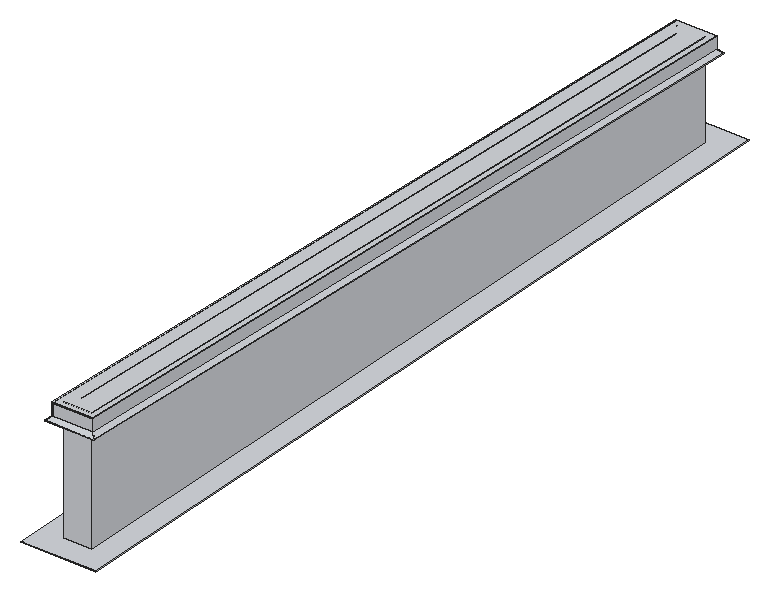
Revit family "UMES-3", category Mechanical Equipment, Revit 2015
Parameters
  Width = 0' - 3 1/2"
  URL = "https://unitedenertech.com/catalog/pdf/M_9%20UMES.pdf"
  Type Comments = "Consult Factory for Max. Sizes"
  Roof Slope = 2.00°
  Model = "UMES-3"
  Manufacturer = "United Enertech Corporation"
  Length = 8' - 0"
  Height (12" Standard) = 1' - 0"
  Description = "Metal Building Equipment Support"
  Cap Width [instance] = Width + 0' 1 1/2"  # 0' - 5"
  Cap Length [instance] = Length + 0' 1 1/2"  # 8' - 1 1/2"
Reference planes (in)
  plane 1 "Center (Front/Back)": y = 0
  plane 2: z = 0
  plane 3 "Center (Left/Right)": x = 0
  plane 4: x = -1.75
  plane 5: x = 1.75
  plane 6: x = -4.75
  plane 7: x = 4.75
  plane 8: y = -48
  plane 9: y = -96
  plane 10: y = 3
  plane 11: y = -99
  plane 12: z = 0.0478
  plane 13: z = 12
  plane 14: z = 11.9522
  plane 15: z = 10.4522
  plane 16: x = -2.5
  plane 17: x = 2.5
  plane 18: y = 0.75
  plane 19: y = -96.75
Forms (in)
  Extrusion 1, solid
    sketch origin (0, 0, 0) x (0, 1, 0) y (0, 0, 1)
      loop
        line (3, 0.10476) -> (3, 0.15256) -> (-99, -3.40936) -> (-99, -3.45716) -> (3, 0.10476)
    from -4.75 to 4.75
  Extrusion 2, solid, material "Wood (Oak)"
    sketch origin (0, 0, 0) x (1, 0, 0) y (0, 0, 1)
      loop
        line (-1.75, 10.4522) -> (1.75, 10.4522) -> (1.75, 11.9522) -> (-1.75, 11.9522) -> (-1.75, 10.4522)
    from 0 to 96
  Extrusion 3, solid
    sketch origin (0, 0, 0) x (0, 1, 0) y (0, 0, 1)
      loop
        line (0, 10.4522) -> (-96, 10.4522) -> (-96, -3.30459) -> (0, 0.0478) -> (0, 10.4522)
    from -1.75 to 1.75
Lines and regions (in)
  reference lines
    curve 1: line (0, 0, 0) -> (0, -155.90497, -5.44432)
    curve 2: line (0, 0, 0.0478) -> (0, -45.22243, -1.5314)
Dimensions and locks (in)
  equal spacing: plane 4, plane 3 "Center (Left/Right)", plane 5
  "Width": plane 4 to plane 5
  equal spacing: plane 9, plane 8, plane 1 "Center (Front/Back)"
  "Length": plane 1 "Center (Front/Back)" to plane 9
  locked: plane 12 to level at 0.0478
  locked: plane 13 to plane 14 at 0.0478
  locked: plane 14 to plane 15 at 1.5
  "Height (12" Standard)": plane 13 to level
  locked: plane 4 to plane 16 at 0.75
  locked: plane 5 to plane 17 at 0.75
  locked: plane 18 to plane 1 "Center (Front/Back)" at 0.75
  locked: plane 9 to plane 19 at 0.75
  locked: plane 6 to plane 4 at 3
  locked: plane 5 to plane 7 at 3
  locked: plane 11 to plane 9 at 3
  locked: plane 1 "Center (Front/Back)" to plane 10 at 3
  "Roof Slope": angle curve 1 to level
  "Roof Slope": angle curve 2 to plane 12
  aligned and locked: level to plane 2
  aligned and locked: plane 1 "Center (Front/Back)" to curve 1
  aligned and locked: level to curve 1
  aligned and locked: plane 1 "Center (Front/Back)" to curve 2
  aligned and locked: plane 12 to curve 2
  aligned and locked: Extrusion 1 sketch curve to plane 10
  aligned and locked: Extrusion 1 sketch curve to plane 11
  aligned and locked: Extrusion 1 sketch curve to curve 2
  aligned and locked: Extrusion 1 sketch curve to curve 1
  aligned and locked: Extrusion 1 to plane 6
  aligned and locked: Extrusion 1 to plane 7
  aligned and locked: nested 1 to plane 8
  aligned and locked: nested 1 to plane 3 "Center (Left/Right)"
  aligned and locked: plane 13 to nested 1
  aligned and locked: plane 14 to Extrusion 2 sketch curve
  aligned and locked: Extrusion 2 sketch curve to plane 4
  aligned and locked: plane 5 to Extrusion 2 sketch curve
  aligned and locked: Extrusion 2 sketch curve to plane 15
  aligned and locked: Extrusion 2 to plane 1 "Center (Front/Back)"
  aligned and locked: Extrusion 2 to plane 9
  aligned and locked: Extrusion 3 sketch curve to plane 15
  aligned and locked: plane 9 to Extrusion 3 sketch curve
  aligned and locked: plane 1 "Center (Front/Back)" to Extrusion 3 sketch curve
  aligned and locked: Extrusion 3 to plane 4
  aligned and locked: Extrusion 1 to Extrusion 3 sketch curve
  aligned and locked: plane 5 to Extrusion 3
Nested families (in)
  nested 1: "Rail Cap" at (0, -48, 10), type "Rail Cap"
    with B Side Base I.D. 8' - 1 1/2", A Side Base I.D. 0' - 5"
Definition of nested family "Rail Cap"
  Parameters (values of type "Rail Cap")
    URL = ""
    Type Comments = ""
    Model = ""
    Manufacturer = ""
    Description = ""
    B Side Base I.D. = 3' - 0"
    A Side Base I.D. = 3' - 0"
  Reference planes (in)
    plane 1 "Center (Front/Back)": y = 0
    plane 2: z = 0
    plane 3 "Center (Left/Right)": x = 0
    plane 4: x = -18
    plane 5: x = 18
    plane 6: y = -18
    plane 7: y = 18
    plane 8: x = -18.0478
    plane 9: y = -18.0478
    plane 10: x = 18.0478
    plane 11: y = 18.0478
    plane 12: z = 2
    plane 13: z = 0.5
    plane 14: z = 1.9522
    plane 15: x = -18.5478
    plane 16: y = -18.5478
    plane 17: x = 18.5478
    plane 18: y = 18.5478
    plane 19: z = 1.5772
    plane 20: y = 19.0478
    plane 21: y = -19.0478
    plane 22: x = -19.0478
    plane 23: x = 19.0478
  Forms (in)
    Extrusion 1, solid
      sketch origin (0, 0, 0) x (1, 0, 0) y (0, 0, 1)
        loop
          line (-18.54622, 0.00144) -> (-18, 0.5) -> (-18, 1.9522) -> (-18.0478, 1.9522) -> (-18.0478, 0.51984) -> (-18.5794, 0.03462) -> (-18.54622, 0.00144)
      from -18.5478 to 18.5478
    Extrusion 2, solid
      sketch origin (0, 0, 0) x (-1, 0, 0) y (0, 0, -1)
        loop
          line (-18.54622, -0.00144) -> (-18.5794, -0.03462) -> (-18.0478, -0.51984) -> (-18.0478, -1.9522) -> (-18, -1.9522) -> (-18, -0.5) -> (-18.54622, -0.00144)
      from -18.5478 to 18.5478
    Extrusion 3, solid
      sketch origin (0, 0, 0) x (0, 1, 0) y (0, 0, 1)
        loop
          line (-18, 1.9522) -> (-18.0478, 1.9522) -> (-18.0478, 0.51988) -> (-18.58098, 0.03462) -> (-18.5478, 0.00144) -> (-18, 0.5) -> (-18, 1.9522)
      from -18.5478 to 18.5478
    Extrusion 4, solid
      sketch origin (0, 0, 0) x (0, -1, 0) y (0, 0, -1)
        loop
          line (-18, -1.9522) -> (-18, -0.5) -> (-18.5478, -0.00144) -> (-18.58098, -0.03462) -> (-18.0478, -0.51988) -> (-18.0478, -1.9522) -> (-18, -1.9522)
      from -18.5478 to 18.5478
    Extrusion 5, void
      sketch origin (-93.15685, -31.93875, 0) x (1, 0, 0) y (0, 1, 0)
        loop
          line (106.5478, 18.5478) -> (112.20465, 12.89095) -> (112.20465, 18.5478) -> (106.5478, 18.5478)
      from -1.29054 to 3.19849
    Extrusion 6, void
      sketch origin (-125.5956, 0.5, 0) x (1, 0, 0) y (0, 1, 0)
        loop
          line (106.5478, 18.5478) -> (112.20465, 12.89095) -> (112.20465, 18.5478) -> (106.5478, 18.5478)
      from -3.18066 to 4.14355
    Extrusion 7, void
      sketch origin (-109.38054, -28.0092, 0) x (1, 0, 0) y (0, 1, 0)
        loop
          line (117.42834, 19.9614) -> (117.42834, 8.9614) -> (128.42834, 8.9614) -> (117.42834, 19.9614)
      from -1.13303 to 3.27725
    Extrusion 8, void
      sketch origin (-136.47614, -0.9136, 0) x (1, 0, 0) y (0, 1, 0)
        loop
          line (117.42834, 19.9614) -> (117.42834, 8.9614) -> (128.42834, 8.9614) -> (117.42834, 19.9614)
      from -1.68432 to 3.74977
    Extrusion 9, void
      sketch origin (-121.30312, -30.02453, 0) x (1, 0, 0) y (0, 1, 0)
        loop
          line (109.32639, 18.0478) -> (102.25532, 18.0478) -> (102.25532, 10.97673) -> (109.32639, 18.0478)
      from -1.13303 to 3.59226
    Extrusion 10, void
      sketch origin (-90.27859, 1, 0) x (1, 0, 0) y (0, 1, 0)
        loop
          line (109.32639, 18.0478) -> (102.25532, 18.0478) -> (102.25532, 10.97673) -> (109.32639, 18.0478)
      from -1.44805 to 3.51351
    Extrusion 11, void
      sketch origin (-116.53283, -32.26123, 0) x (1, 0, 0) y (0, 1, 0)
        loop
          line (105.97031, 21.69871) -> (97.48503, 13.21343) -> (105.97031, 13.21343) -> (105.97031, 21.69871)
      from -1.3693 to 3.82853
    Extrusion 12, void
      sketch origin (-86.92251, -2.65091, 0) x (1, 0, 0) y (0, 1, 0)
        loop
          line (105.97031, 21.69871) -> (97.48503, 13.21343) -> (105.97031, 13.21343) -> (105.97031, 21.69871)
      from -0.97552 to 3.04098
    Extrusion 13, solid
      sketch origin (0, 0, 0) x (1, 0, 0) y (0, 1, 0)
        loop
          line (-18.0478, -18.0478) -> (18.0478, -18.0478) -> (18.0478, 18.0478) -> (-18.0478, 18.0478) -> (-18.0478, -18.0478)
      from 1.9522 to 2
  Cuts and joins
    Extrusion 6, Extrusion 11 cuts Extrusion 1
    Extrusion 5, Extrusion 9 cuts Extrusion 3
    Extrusion 8, Extrusion 12 cuts Extrusion 4
    Extrusion 7, Extrusion 10 cuts Extrusion 2
  Dimensions and locks (in)
    equal spacing: plane 4, plane 3 "Center (Left/Right)", plane 5
    "A Side Base I.D.": plane 4 to plane 5
    equal spacing: plane 7, plane 1 "Center (Front/Back)", plane 6
    "B Side Base I.D.": plane 7 to plane 6
    locked: plane 6 to plane 9 at 0.0478
    locked: plane 11 to plane 7 at 0.0478
    locked: plane 8 to plane 4 at 0.0478
    locked: plane 5 to plane 10 at 0.0478
    locked: plane 12 to level at 2
    locked: plane 13 to level at 0.5
    locked: plane 12 to plane 14 at 0.0478
    locked: plane 9 to plane 16 at 0.5
    locked: plane 15 to plane 8 at 0.5
    locked: plane 11 to plane 18 at 0.5
    locked: plane 10 to plane 17 at 0.5
    locked: plane 14 to plane 19 at 0.375
    locked: plane 18 to plane 20 at 0.5
    locked: plane 21 to plane 16 at 0.5
    locked: plane 22 to plane 15 at 0.5
    locked: plane 17 to plane 23 at 0.5
    locked: Extrusion 5 sketch curve to Extrusion 5 sketch curve (angle 45.00°)  (x2)
    locked: Extrusion 6 sketch curve to Extrusion 6 sketch curve (angle 45.00°)  (x2)
    locked: Extrusion 7 sketch curve to Extrusion 7 sketch curve (angle 45.00°)  (x2)
    locked: Extrusion 8 sketch curve to Extrusion 8 sketch curve (angle 45.00°)  (x2)
    locked: Extrusion 9 sketch curve to Extrusion 9 sketch curve (angle 45.00°)  (x2)
    locked: Extrusion 10 sketch curve to Extrusion 10 sketch curve (angle 45.00°)  (x2)
    locked: Extrusion 11 sketch curve to Extrusion 11 sketch curve (angle 45.00°)  (x2)
    locked: Extrusion 12 sketch curve to Extrusion 12 sketch curve (angle 45.00°)  (x2)
    aligned and locked: level to plane 2
    aligned and locked: plane 4 to Extrusion 1 sketch curve
    aligned and locked: Extrusion 1 sketch curve to plane 8
    aligned and locked: plane 14 to Extrusion 1 sketch curve
    aligned and locked: plane 13 to Extrusion 1 sketch curve
    aligned and locked: Extrusion 2 sketch curve to plane 14
    aligned and locked: plane 5 to Extrusion 2 sketch curve
    aligned and locked: plane 10 to Extrusion 2 sketch curve
    aligned and locked: plane 13 to Extrusion 2 sketch curve
    aligned and locked: Extrusion 1 to plane 18
    aligned and locked: Extrusion 1 to plane 16
    aligned and locked: Extrusion 2 to plane 16
    aligned and locked: Extrusion 2 to plane 18
    aligned and locked: plane 16 to Extrusion 3 sketch curve
    aligned and locked: plane 6 to Extrusion 3 sketch curve  (x2)
    aligned and locked: plane 13 to Extrusion 3 sketch curve
    aligned and locked: plane 9 to Extrusion 3 sketch curve
    aligned and locked: Extrusion 3 sketch curve to plane 14
    aligned and locked: Extrusion 4 sketch curve to plane 11
    aligned and locked: plane 7 to Extrusion 4 sketch curve
    aligned and locked: plane 14 to Extrusion 4 sketch curve
    aligned and locked: plane 13 to Extrusion 4 sketch curve
    aligned and locked: plane 18 to Extrusion 4 sketch curve
    aligned and locked: Extrusion 3 to plane 15
    aligned and locked: Extrusion 3 to plane 17
    aligned and locked: Extrusion 4 to plane 17
    aligned and locked: Extrusion 4 to plane 15
    aligned and locked: plane 22 to Extrusion 6 sketch curve
    aligned and locked: plane 20 to Extrusion 6 sketch curve
    aligned and locked: plane 21 to Extrusion 5 sketch curve
    aligned and locked: plane 23 to Extrusion 5 sketch curve
    aligned and locked: plane 20 to Extrusion 8 sketch curve
    aligned and locked: plane 22 to Extrusion 8 sketch curve
    aligned and locked: plane 21 to Extrusion 7 sketch curve
    aligned and locked: plane 23 to Extrusion 7 sketch curve
    aligned and locked: plane 23 to Extrusion 10 sketch curve
    aligned and locked: plane 20 to Extrusion 10 sketch curve
    aligned and locked: plane 21 to Extrusion 9 sketch curve
    aligned and locked: Extrusion 9 sketch curve to plane 22
    aligned and locked: plane 20 to Extrusion 12 sketch curve
    aligned and locked: plane 23 to Extrusion 12 sketch curve
    aligned and locked: Extrusion 11 sketch curve to plane 22
    aligned and locked: plane 21 to Extrusion 11 sketch curve
    aligned and locked: Extrusion 13 sketch curve to plane 8
    aligned and locked: Extrusion 13 sketch curve to plane 11
    aligned and locked: Extrusion 13 sketch curve to plane 9
    aligned and locked: Extrusion 13 sketch curve to plane 10
    aligned and locked: Extrusion 13 to plane 14
    aligned and locked: plane 12 to Extrusion 13
  Automatic sketch dimensions
    plane 15 to Extrusion 1 sketch curve = 0' - 0.00158"
    Extrusion 1 sketch curve to plane 15 = 0' - 0.0316"
    level to Extrusion 1 sketch curve = 0' - 0.03462"
    level to Extrusion 1 sketch curve = 0' - 0.00144"
    plane 13 to Extrusion 1 sketch curve = 0' - 0.01984"
    Extrusion 2 sketch curve to plane 17 = 0' - 0.00158"
    plane 17 to Extrusion 2 sketch curve = 0' - 0.0316"
    Extrusion 2 sketch curve to level = 0' - 0.03462"
    Extrusion 2 sketch curve to level = 0' - 0.00144"
    Extrusion 2 sketch curve to plane 13 = 0' - 0.01984"
    Extrusion 3 sketch curve to plane 16 = 0' - 0.03318"
    level to Extrusion 3 sketch curve = 0' - 0.03462"
    level to Extrusion 3 sketch curve = 0' - 0.00144"
    plane 13 to Extrusion 3 sketch curve = 0' - 0.01988"
    plane 18 to Extrusion 4 sketch curve = 0' - 0.03318"
    Extrusion 4 sketch curve to level = 0' - 0.03462"
    Extrusion 4 sketch curve to level = 0' - 0.00144"
    Extrusion 4 sketch curve to plane 13 = 0' - 0.01988"
    Extrusion 5 sketch curve to plane 5 = 0' - 4.60905"
    plane 4 to Extrusion 6 sketch curve = 0' - 4.60905"
    plane 1 "Center (Front/Back)" to Extrusion 7 sketch curve = 0' - 8.0478"
    Extrusion 8 sketch curve to plane 1 "Center (Front/Back)" = 0' - 8.0478"
    plane 4 to Extrusion 9 sketch curve = 0' - 6.02327"
    Extrusion 10 sketch curve to plane 5 = 0' - 6.02327"
    Extrusion 11 sketch curve to Extrusion 11 sketch curve = 0' - 8.48528"
    Extrusion 12 sketch curve to plane 7 = 0' - 7 7/16"
